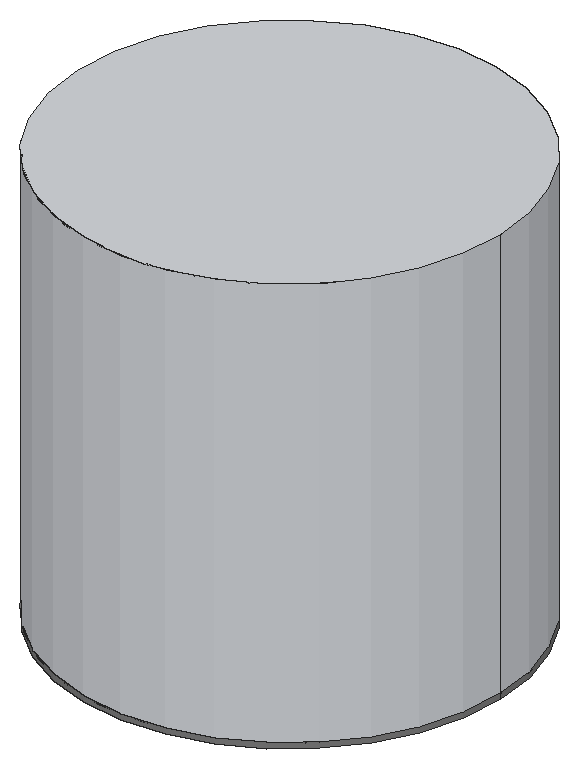
Revit family "Recessed Downlight Face Based", category Lighting Fixtures, Revit 2019
Family settings
  Round Connector Dimension = Use Diameter
  Part Type = Normal
  OmniClass Number = 23.80.70.00
  OmniClass Title = Lighting
  Work Plane-Based = Yes
  Always vertical = No
  Cut with Voids When Loaded = No
  Light Source = Yes
  Shared = No
  Room Calculation Point = No
Parameters (values of type "D2.2 Panos Infinity 16W Gib")
  Wattage Comments = "19.4"
  Wattage = 13.0603 W
  built-in parameter 1150110 = 1 (stored number, unit not read)
  URL = ""
  Type Comments = "D2.2"
  built-in parameter 1114217 = 0.8 (stored number, unit not read)
  Tilt Angle = 90.00°
  built-in parameter 1150109 = 1 (stored number, unit not read)
  built-in parameter 1150134 = 12
  built-in parameter 1150113 = 1 (stored number, unit not read)
  Photometric Web File = "DOT9738C-30-A930.IES"
  PRL_LTGSchedule_Output = "16W LED\r\n1940 lm"
  PRL_LTGSchedule_Manufacturer = "Zumtobel"
  PRL_LTGSchedule_Lifetime = "5 years"
  PRL_LTGSchedule_Installation = "Recessed in Plaster/Gib Ceiling"
  PRL_LTGSchedule_Description = "Recessed 100mm deep down-light with white trim, CRI = 90+ LEDs, smooth optic, IP54 transparent attachment."
  PRL_LTGSchedule_Control = "Fixed output ECG"
  PRL_LTGSchedule_Classification = ""
  PRL_LTGSchedule_CatNo = "Panos Infinity\r\nE200 LG LED"
  PRL_LTGSchedule_CCT = "4000K\r\nCRI=90+"
  PRL_LTGSchedule_Accessories = ""
  PRL_AppearsInSchedule = yes
  built-in parameter 1150142 = "IESNA:LM-63-2002\r\n[TEST] Test report No. LL17053\r\n[TESTLAB] LightLab International \r\n[ISSUEDATE] Monday, 21 October 2013 1:37:49 PM\r\n[MANUFAC] Nimbus Lighting Group Ltd.,\r\n[MORE] Auckland. 1061. New Zealand.\r\n[LUMCAT] DOT9738C/30/A930.\r\n[LUMINAIRE] Nimbus Lighting LED Downlight. \r\n[MORE] Aluminium radially finned heat sink, 137 mm dia. x 80 mm deep, black finish.\r\n[MORE] White fascia with twist-lock ceiling plate, connected to heat sink by two black plastic arms.\r\n[MORE] One “CREE CXA” LED 92 mm above L/O of 120 mm. Wide-beam multi-faceted textured reflector.\r\n[MORE] One Remote Tridonic LCI 20W 350mA TEC SR LED driver 220-240 V 50/60 Hz.\r\n[MORE] Tested at 240 V / 50 Hz.\r\n[OTHER] Absolute test - lamp lumens value set to -1\r\n[MORE] NA conventions used for C0 plane alignment and C-plane rotation direction.\r\n[MORE] The sample was tested at a distance of 8m.\r\n[MORE] This IES file created by LightLab/LSA Report program version 3.803a.\r\nTILT=NONE\r\n1 -1 1 91 1 1 2 -0.12 -0.12 0\r\n1 1 13.583\r\n0 1 2 3 4 5 6 7 8 9 10 11 12 13 14 15 16 17 18 19 20 21 22 23 24 25 26 27 28 29 30 31 32 33 34 35 36 37 38 39 40 41 42 43 44 45 46 47 48 49 50 51 52 53 54 55 56 57 58 59 60 61 62 63 64 65 66 67 68 69 70 71 72 73 74 75 76 77 78 79 80 81 82 83 84 85 86 87 \r\n88 89 90\r\n0\r\n739.50 738.70 736.06 731.60 726.24 719.96 712.76 705.71 699.03 692.71 687.07 682.46 678.74 676.13 674.46 673.15 672.47 672.03 671.54 670.36 669.31 669.87 671.53 673.94 676.34 678.93 681.58 683.95 684.60 677.56 652.42 610.91 567.60 514.93 469.64 420.97 \r\n374.03 339.48 321.17 313.96 305.73 288.72 272.91 260.34 246.91 233.20 218.55 202.73 186.27 170.43 153.95 139.68 122.85 107.42 90.21 71.68 55.81 41.44 31.18 24.13 18.46 15.01 12.45 10.72 9.31 8.30 7.42 6.85 6.22 5.81 5.44 5.18 4.89 4.70 4.51 4.26 3.99 3.99\r\n 3.85 3.74 3.74 3.58 3.57 3.44 3.22 3.03 2.67 2.47 1.93 0.66 0.00\r\n"
  Manufacturer = ""
  Lumens = 1940 lm
  built-in parameter 1150115 = 1 (stored number, unit not read)
  built-in parameter 1150105 = 154.38 (stored number, unit not read)
  built-in parameter 1150137 = (empty or 0)
  built-in parameter 1150139 = (empty or 0)
  built-in parameter 1150112 = 1 (stored number, unit not read)
  built-in parameter 1150114 = 1 (stored number, unit not read)
  Lamp = "1"
  built-in parameter 1150132 = 2
  built-in parameter 1150102 = (empty or 0)
  built-in parameter 1150138 = (empty or 0)
  built-in parameter 1150107 = 4000 (stored number, unit not read)
  built-in parameter 1150106 = 1.5438 (stored number, unit not read)
  Family Revision = 4
  Emit from Circle Diameter = 155 mm
  Emit Shape Visible in Rendering = no
  built-in parameter 1150104 = 13.8 (stored number, unit not read)
  Dimming Lamp Color Temperature Shift = <None>
  Diameter = 155 mm
  Description = ""
  Depth = 146 mm
  Default Elevation = 1219.2 mm
  Color Filter = 16777215
  built-in parameter 1114218 = 1 (stored number, unit not read)
  built-in parameter 1150133 = 10 (stored number, unit not read)
  Arm length = Diameter * 2  # 310 mm
  Apparent Load = 13.8 VA
Reference planes
  plane 1 "Light Source Axis (F/B)": y = 0
  plane 2: z = 0
  plane 3 "Light Source Axis (L/R)": x = 0
  plane 4 "Light Source Elevation": z = -7
Forms (mm)
  Extrusion 1, solid, material "Default Light Source Text2"
    sketch origin (0, 0, 0) x (1, 0, 0) y (0, 1, 0)
      loop
        circle (0, 0) r 77.5
    from -7 to -5
  Extrusion 2, solid
    sketch origin (0, 0, 0) x (1, 0, 0) y (0, 1, 0)
      loop
        circle (0, 0) r 77.5
    from -5 to 146 <- "Depth"
Dimensions and locks
  "Diameter": diameter of Extrusion 2 sketch curve
  "Diameter": diameter of Extrusion 1 sketch curve
  aligned and locked: plane 4 "Light Source Elevation" to imposter light
  aligned and locked: level to plane 2
  aligned and locked: imposter light to Extrusion 1
Automatic sketch dimensions
  plane 1 "Light Source Axis (F/B)" to Extrusion 1 sketch curve = 0 mm
  Extrusion 1 sketch curve to plane 3 "Light Source Axis (L/R)" = 0 mm
  plane 1 "Light Source Axis (F/B)" to Extrusion 2 sketch curve = 0 mm
  Extrusion 2 sketch curve to plane 3 "Light Source Axis (L/R)" = 0 mm
Connectors
  electrical at (0, 0, -5), driven by "Apparent Load"
    settings: on Extrusion 1, index 1, voltage 230 V, apparent load 0 VA, apparent load phase1 13.8 VA, apparent load phase2 0 VA, apparent load phase3 0 VA, power factor 1, load classification "Lighting", number of poles 1, system type 31, power factor state 1, is connector primary yes, connector utility no, sub classification motor no, connector description ""
Types (12, lengths in mm): name | Wattage | Type Comments | built-in parameter 1114217 | Photometric Web File | PRL_LTGSchedule_Output | PRL_LTGSchedule_Manufacturer | PRL_LTGSchedule_Lifetime | PRL_LTGSchedule_Installation | PRL_LTGSchedule_Description | PRL_LTGSchedule_Control | PRL_LTGSchedule_CatNo | PRL_LTGSchedule_CCT | PRL_LTGSchedule_Accessories | built-in parameter 1150142 | Manufacturer | Lumens | built-in parameter 1150105 | built-in parameter 1150106 | Description
  D3.1 Panos Infinity 32W T-Rail | 17.6516 W | "D3.1" | 0.8 (stored number, unit not read) | "DOT9738C-30-A930.IES" | "" | "" | "" | "" | "" | "" | "" | "" | "" | "IESNA:LM-63-2002\r\n[TEST] Test report No. LL17053\r\n[TESTLAB] LightLab International \r\n[ISSUEDATE] Monday, 21 October 2013 1:37:49 PM\r\n[MANUFAC] Nimbus Lighting Group Ltd.,\r\n[MORE] Auckland. 1061. New Zealand.\r\n[LUMCAT] DOT9738C/30/A930.\r\n[LUMINAIRE] Nimbus Lighting LED Downlight. \r\n[MORE] Aluminium radially finned heat sink, 137 mm dia. x 80 mm deep, black finish.\r\n[MORE] White fascia with twist-lock ceiling plate, connected to heat sink by two black plastic arms.\r\n[MORE] One “CREE CXA” LED 92 mm above L/O of 120 mm. Wide-beam multi-faceted textured reflector.\r\n[MORE] One Remote Tridonic LCI 20W 350mA TEC SR LED driver 220-240 V 50/60 Hz.\r\n[MORE] Tested at 240 V / 50 Hz.\r\n[OTHER] Absolute test - lamp lumens value set to -1\r\n[MORE] NA conventions used for C0 plane alignment and C-plane rotation direction.\r\n[MORE] The sample was tested at a distance of 8m.\r\n[MORE] This IES file created by LightLab/LSA Report program version 3.803a.\r\nTILT=NONE\r\n1 -1 1 91 1 1 2 -0.12 -0.12 0\r\n1 1 13.583\r\n0 1 2 3 4 5 6 7 8 9 10 11 12 13 14 15 16 17 18 19 20 21 22 23 24 25 26 27 28 29 30 31 32 33 34 35 36 37 38 39 40 41 42 43 44 45 46 47 48 49 50 51 52 53 54 55 56 57 58 59 60 61 62 63 64 65 66 67 68 69 70 71 72 73 74 75 76 77 78 79 80 81 82 83 84 85 86 87 \r\n88 89 90\r\n0\r\n739.50 738.70 736.06 731.60 726.24 719.96 712.76 705.71 699.03 692.71 687.07 682.46 678.74 676.13 674.46 673.15 672.47 672.03 671.54 670.36 669.31 669.87 671.53 673.94 676.34 678.93 681.58 683.95 684.60 677.56 652.42 610.91 567.60 514.93 469.64 420.97 \r\n374.03 339.48 321.17 313.96 305.73 288.72 272.91 260.34 246.91 233.20 218.55 202.73 186.27 170.43 153.95 139.68 122.85 107.42 90.21 71.68 55.81 41.44 31.18 24.13 18.46 15.01 12.45 10.72 9.31 8.30 7.42 6.85 6.22 5.81 5.44 5.18 4.89 4.70 4.51 4.26 3.99 3.99\r\n 3.85 3.74 3.74 3.58 3.57 3.44 3.22 3.03 2.67 2.47 1.93 0.66 0.00\r\n" | "C" | 2622 lm | 208.65 (stored number, unit not read) | 2.0865 (stored number, unit not read) | "C"
  D52.10 ELS ADL110 XTM 16.5W Vaneered Paneling 3000K | 8.65749 W | "D52.10" | 0.95 (stored number, unit not read) | "DOT9738C-30-A930.IES" | "" | "" | "" | "" | "" | "" | "" | "" | "" | "IESNA:LM-63-2002\r\n[TEST] Test report No. LL17053\r\n[TESTLAB] LightLab International \r\n[ISSUEDATE] Monday, 21 October 2013 1:37:49 PM\r\n[MANUFAC] Nimbus Lighting Group Ltd.,\r\n[MORE] Auckland. 1061. New Zealand.\r\n[LUMCAT] DOT9738C/30/A930.\r\n[LUMINAIRE] Nimbus Lighting LED Downlight. \r\n[MORE] Aluminium radially finned heat sink, 137 mm dia. x 80 mm deep, black finish.\r\n[MORE] White fascia with twist-lock ceiling plate, connected to heat sink by two black plastic arms.\r\n[MORE] One “CREE CXA” LED 92 mm above L/O of 120 mm. Wide-beam multi-faceted textured reflector.\r\n[MORE] One Remote Tridonic LCI 20W 350mA TEC SR LED driver 220-240 V 50/60 Hz.\r\n[MORE] Tested at 240 V / 50 Hz.\r\n[OTHER] Absolute test - lamp lumens value set to -1\r\n[MORE] NA conventions used for C0 plane alignment and C-plane rotation direction.\r\n[MORE] The sample was tested at a distance of 8m.\r\n[MORE] This IES file created by LightLab/LSA Report program version 3.803a.\r\nTILT=NONE\r\n1 -1 1 91 1 1 2 -0.12 -0.12 0\r\n1 1 13.583\r\n0 1 2 3 4 5 6 7 8 9 10 11 12 13 14 15 16 17 18 19 20 21 22 23 24 25 26 27 28 29 30 31 32 33 34 35 36 37 38 39 40 41 42 43 44 45 46 47 48 49 50 51 52 53 54 55 56 57 58 59 60 61 62 63 64 65 66 67 68 69 70 71 72 73 74 75 76 77 78 79 80 81 82 83 84 85 86 87 \r\n88 89 90\r\n0\r\n739.50 738.70 736.06 731.60 726.24 719.96 712.76 705.71 699.03 692.71 687.07 682.46 678.74 676.13 674.46 673.15 672.47 672.03 671.54 670.36 669.31 669.87 671.53 673.94 676.34 678.93 681.58 683.95 684.60 677.56 652.42 610.91 567.60 514.93 469.64 420.97 \r\n374.03 339.48 321.17 313.96 305.73 288.72 272.91 260.34 246.91 233.20 218.55 202.73 186.27 170.43 153.95 139.68 122.85 107.42 90.21 71.68 55.81 41.44 31.18 24.13 18.46 15.01 12.45 10.72 9.31 8.30 7.42 6.85 6.22 5.81 5.44 5.18 4.89 4.70 4.51 4.26 3.99 3.99\r\n 3.85 3.74 3.74 3.58 3.57 3.44 3.22 3.03 2.67 2.47 1.93 0.66 0.00\r\n" | "" | 1286 lm | 102.34 (stored number, unit not read) | 1.0234 (stored number, unit not read) | ""
  D51.10 ELS ADL110 XTM 16.5W Vaneered Paneling 4000K | 8.65749 W | "D51.10" | 0.95 (stored number, unit not read) | "DOT9738C-30-A930.IES" | "" | "" | "" | "" | "" | "" | "" | "" | "" | "IESNA:LM-63-2002\r\n[TEST] Test report No. LL17053\r\n[TESTLAB] LightLab International \r\n[ISSUEDATE] Monday, 21 October 2013 1:37:49 PM\r\n[MANUFAC] Nimbus Lighting Group Ltd.,\r\n[MORE] Auckland. 1061. New Zealand.\r\n[LUMCAT] DOT9738C/30/A930.\r\n[LUMINAIRE] Nimbus Lighting LED Downlight. \r\n[MORE] Aluminium radially finned heat sink, 137 mm dia. x 80 mm deep, black finish.\r\n[MORE] White fascia with twist-lock ceiling plate, connected to heat sink by two black plastic arms.\r\n[MORE] One “CREE CXA” LED 92 mm above L/O of 120 mm. Wide-beam multi-faceted textured reflector.\r\n[MORE] One Remote Tridonic LCI 20W 350mA TEC SR LED driver 220-240 V 50/60 Hz.\r\n[MORE] Tested at 240 V / 50 Hz.\r\n[OTHER] Absolute test - lamp lumens value set to -1\r\n[MORE] NA conventions used for C0 plane alignment and C-plane rotation direction.\r\n[MORE] The sample was tested at a distance of 8m.\r\n[MORE] This IES file created by LightLab/LSA Report program version 3.803a.\r\nTILT=NONE\r\n1 -1 1 91 1 1 2 -0.12 -0.12 0\r\n1 1 13.583\r\n0 1 2 3 4 5 6 7 8 9 10 11 12 13 14 15 16 17 18 19 20 21 22 23 24 25 26 27 28 29 30 31 32 33 34 35 36 37 38 39 40 41 42 43 44 45 46 47 48 49 50 51 52 53 54 55 56 57 58 59 60 61 62 63 64 65 66 67 68 69 70 71 72 73 74 75 76 77 78 79 80 81 82 83 84 85 86 87 \r\n88 89 90\r\n0\r\n739.50 738.70 736.06 731.60 726.24 719.96 712.76 705.71 699.03 692.71 687.07 682.46 678.74 676.13 674.46 673.15 672.47 672.03 671.54 670.36 669.31 669.87 671.53 673.94 676.34 678.93 681.58 683.95 684.60 677.56 652.42 610.91 567.60 514.93 469.64 420.97 \r\n374.03 339.48 321.17 313.96 305.73 288.72 272.91 260.34 246.91 233.20 218.55 202.73 186.27 170.43 153.95 139.68 122.85 107.42 90.21 71.68 55.81 41.44 31.18 24.13 18.46 15.01 12.45 10.72 9.31 8.30 7.42 6.85 6.22 5.81 5.44 5.18 4.89 4.70 4.51 4.26 3.99 3.99\r\n 3.85 3.74 3.74 3.58 3.57 3.44 3.22 3.03 2.67 2.47 1.93 0.66 0.00\r\n" | "" | 1286 lm | 102.34 (stored number, unit not read) | 1.0234 (stored number, unit not read) | ""
